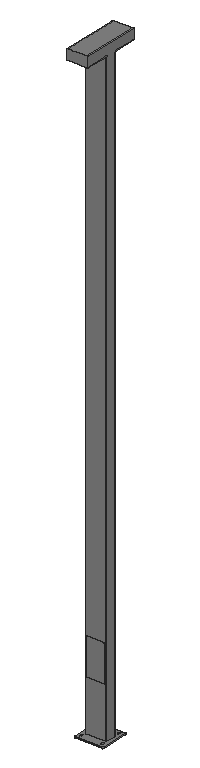
Revit family "Супремус В", category Осветительные приборы, Revit 2019 (continued)
Types (7, lengths in mm): name | Файл фотометрической сетки | built-in parameter 1150105 | Lumens | built-in parameter 1150106 | built-in parameter 1150142 | Wattage | L_общая рассеиватели | ADSK_Фактическая мощность | ADSK_Размер_Высота | ADSK_Номинальная мощность | ADSK_Наименование | ADSK_Масса_Текст | ADSK_Масса | ADSK_Артикул | 2
    0 0.0 0.0 0.0 0.0 0.0 0.0 0.0 0.0 0.0 0.0 0.0 0.0 0.0 0.0\r\n 0.0 0.0 0.0 0.0 0.0\r\n275.6 273.7 271.8 269.8 267.9 265.9 264.0 262.0 260.0 257.9 255.6 253.3 251.0 248.8 246.1 243.5 240.4 237.2 233.8 230.1 226.8\r\n 223.3 220.1 217.1 214.2 211.4 209.0 206.5 203.6 200.6 197.6 194.5 191.5 188.3 185.1 181.9 178.6 175.4 171.7 167.9 164.1 160.3\r\n 157.0 153.7 150.5 147.5 144.5 141.6 138.7 135.8 133.1 130.7 128.9 127.4 126.3 124.5 122.6 120.8 119.4 117.7 115.8 113.8 111.8\r\n 109.5 107.1 104.6 102.1 99.7 97.4 95.1 92.7 90.3 87.8 85.5 83.3 81.3 79.2 77.1 75.0 73.0 71.0 69.0 67.0 65.2 63.2 61.2 59.1 57.1\r\n 55.1 53.0 51.0 49.2 47.5 46.0 44.6 43.3 42.0 40.8 39.9 39.1 38.3 37.6 37.1 36.7 36.5 36.3 36.0 35.7 35.2 34.6 34.1 33.7 33.4 33.4\r\n 33.6 34.1 33.9 32.6 31.7 30.9 30.3 29.9 29.4 28.7 28.0 27.5 27.1 26.8 26.9 27.3 28.1 28.9 30.1 32.0 34.5 37.0 39.1 40.8 41.2 42.0\r\n 42.7 42.8 42.6 41.8 41.0 40.2 39.3 38.3 37.3 36.3 35.4 35.4 35.9 35.3 34.7 33.9 33.8 33.5 33.0 32.0 31.2 29.9 28.3 26.9 25.6 24.7\r\n 23.8 23.0 22.0 21.1 20.2 19.2 18.1 16.7 14.9 13.3 12.3 11.2 10.0 8.9 8.1 7.5 6.9 6.5 6.6 6.1 5.8 5.8 5.3 5.3 4.3 3.9 3.8 3.6 3.7\r\n 3.7 3.4 3.2 2.3 2.1 1.8 0.0 0.0 0.0 0.0 0.0 0.0 0.0 0.0 0.0 0.0 0.0 0.0 0.0 0.0 0.0 0.0 0.0 0.0 0.0 0.0 0.0 0.0 0.0 0.0 0.0 0.0\r\n 0.0 0.0 0.0 0.0 0.0 0.0 0.0 0.0 0.0 0.0 0.0 0.0 0.0 0.0 0.0 0.0 0.0 0.0 0.0 0.0 0.0 0.0 0.0 0.0 0.0 0.0 0.0 0.0 0.0 0.0 0.0 0.0\r\n 0.0 0.0 0.0 0.0 0.0 0.0 0.0 0.0 0.0 0.0 0.0 0.0 0.0 0.0 0.0 0.0 0.0 0.0 0.0 0.0 0.0 0.0 0.0 0.0 0.0 0.0 0.0 0.0 0.0 0.0 0.0 0.0\r\n 0.0 0.0 0.0 0.0 0.0 0.0 0.0 0.0 0.0 0.0 0.0 0.0 0.0 0.0 0.0 0.0 0.0 0.0 0.0 0.0 0.0 0.0 0.0 0.0 0.0 0.0 0.0 0.0 0.0 0.0 0.0 0.0\r\n 0.0 0.0 0.0 0.0 0.0 0.0 0.0 0.0 0.0 0.0 0.0 0.0 0.0 0.0 0.0 0.0 0.0 0.0 0.0 0.0 0.0 0.0 0.0 0.0 0.0 0.0 0.0 0.0 0.0 0.0 0.0 0.0\r\n 0.0 0.0 0.0 0.0 0.0 0.0\r\n275.6 274.0 272.1 270.3 268.4 266.6 264.6 262.9 261.0 259.1 257.1 254.9 252.7 250.4 248.0 245.7 243.1 240.2 237.2 234.1 230.9\r\n 227.5 224.1 221.0 218.1 215.2 212.5 210.1 207.6 205.1 202.5 199.5 196.8 194.1 191.3 188.5 185.6 182.6 179.7 176.8 173.7 170.4\r\n 167.1 163.7 160.4 157.2 154.4 151.6 149.0 146.4 143.9 141.5 139.1 136.7 134.5 132.4 130.5 129.1 127.6 126.3 125.0 123.7 122.2\r\n 120.7 119.1 117.3 115.4 113.4 111.3 109.2 107.0 104.7 102.5 100.4 98.3 96.1 93.9 91.6 89.3 87.0 84.8 82.6 80.5 78.5 76.6 74.8\r\n 73.0 71.3 69.4 67.4 65.5 63.7 61.8 60.1 58.4 56.6 54.7 53.1 51.6 50.4 49.3 48.3 47.3 46.3 45.5 45.1 44.6 44.0 43.7 43.2 42.7 42.4\r\n 41.9 41.5 41.0 40.5 40.5 40.8 41.1 40.8 40.2 39.6 38.9 38.4 38.0 37.7 37.4 37.1 36.7 36.3 36.0 35.9 36.1 36.5 37.0 37.5 38.7 40.3\r\n 41.7 42.9 43.7 45.3 47.0 48.8 49.4 49.4 49.3 48.6 47.4 46.0 44.8 43.9 42.8 41.3 40.0 38.5 37.7 37.3 36.5 35.8 34.9 33.8 32.3 30.4\r\n 28.6 26.8 25.2 23.6 22.1 20.8 19.6 18.4 17.2 16.0 14.3 12.4 11.0 9.8 8.5 7.3 6.5 6.0 5.5 5.1 4.9 4.9 4.8 4.7 4.4 4.0 3.5 3.3 3.2\r\n 3.2 3.0 2.9 2.7 2.1 2.0 1.7 1.5 0.0 0.0 0.0 0.0 0.0 0.0 0.0 0.0 0.0 0.0 0.0 0.0 0.0 0.0 0.0 0.0 0.0 0.0 0.0 0.0 0.0 0.0 0.0 0.0\r\n 0.0 0.0 0.0 0.0 0.0 0.0 0.0 0.0 0.0 0.0 0.0 0.0 0.0 0.0 0.0 0.0 0.0 0.0 0.0 0.0 0.0 0.0 0.0 0.0 0.0 0.0 0.0 0.0 0.0 0.0 0.0 0.0\r\n 0.0 0.0 0.0 0.0 0.0 0.0 0.0 0.0 0.0 0.0 0.0 0.0 0.0 0.0 0.0 0.0 0.0 0.0 0.0 0.0 0.0 0.0 0.0 0.0 0.0 0.0 0.0 0.0 0.0 0.0 0.0 0.0\r\n 0.0 0.0 0.0 0.0 0.0 0.0 0.0 0.0 0.0 0.0 0.0 0.0 0.0 0.0 0.0 0.0 0.0 0.0 0.0 0.0 0.0 0.0 0.0 0.0 0.0 0.0 0.0 0.0 0.0 0.0 0.0 0.0\r\n 0.0 0.0 0.0 0.0 0.0 0.0 0.0 0.0 0.0 0.0 0.0 0.0 0.0 0.0 0.0 0.0 0.0 0.0 0.0 0.0 0.0 0.0 0.0 0.0 0.0 0.0 0.0 0.0 0.0 0.0 0.0 0.0\r\n 0.0 0.0 0.0 0.0 0.0 0.0 0.0 0.0\r\n275.6 274.1 272.5 270.6 269.1 267.3 265.5 264.1 262.1 260.4 258.7 256.7 254.6 252.5 250.2 248.0 245.9 243.5 241.0 238.4 235.6\r\n 232.7 229.7 226.6 223.5 220.5 217.8 215.0 212.3 209.8 207.4 205.1 202.8 200.4 197.9 195.4 193.0 190.5 188.1 185.7 183.1 180.5\r\n 177.9 175.1 172.5 169.8 167.1 164.3 161.6 158.9 156.3 153.9 151.7 149.6 147.9 146.2 144.6 142.7 141.1 139.4 137.8 136.4 134.8\r\n 133.4 132.3 131.1 129.6 128.1 126.7 125.0 123.3 121.8 120.0 118.2 116.4 114.5 112.6 110.8 109.1 107.4 105.8 104.2 102.6 101.0\r\n 99.4 97.8 96.1 94.5 92.6 90.8 89.1 87.3 85.7 84.1 82.3 80.6 79.0 77.5 76.1 74.8 73.5 72.4 71.5 70.4 69.1 68.2 67.1 66.2 65.2 64.3\r\n 63.5 62.8 62.0 61.3 60.8 60.4 60.2 60.0 59.7 59.5 59.3 58.8 58.6 58.4 57.8 57.2 56.7 56.2 55.7 55.2 54.5 53.9 53.3 53.0 52.7 52.5\r\n 52.5 52.4 52.3 52.4 52.9 53.4 53.9 54.8 56.1 57.5 58.5 59.5 60.3 61.2 61.2 61.1 60.8 60.0 58.4 55.4 52.5 50.2 48.1 45.9 43.5 40.9\r\n 38.5 36.2 33.8 31.6 29.6 27.6 25.6 23.7 21.8 19.9 18.4 17.0 15.5 14.0 11.9 9.9 8.8 7.7 6.9 6.1 5.5 5.1 4.7 4.5 4.7 4.7 4.3 3.7\r\n 3.3 3.0 3.2 3.0 2.7 2.4 2.0 1.9 1.6 1.4 1.3 0.0 0.0 0.0 0.0 0.0 0.0 0.0 0.0 0.0 0.0 0.0 0.0 0.0 0.0 0.0 0.0 0.0 0.0 0.0 0.0 0.0\r\n 0.0 0.0 0.0 0.0 0.0 0.0 0.0 0.0 0.0 0.0 0.0 0.0 0.0 0.0 0.0 0.0 0.0 0.0 0.0 0.0 0.0 0.0 0.0 0.0 0.0 0.0 0.0 0.0 0.0 0.0 0.0 0.0\r\n 0.0 0.0 0.0 0.0 0.0 0.0 0.0 0.0 0.0 0.0 0.0 0.0 0.0 0.0 0.0 0.0 0.0 0.0 0.0 0.0 0.0 0.0 0.0 0.0 0.0 0.0 0.0 0.0 0.0 0.0 0.0 0.0\r\n 0.0 0.0 0.0 0.0 0.0 0.0 0.0 0.0 0.0 0.0 0.0 0.0 0.0 0.0 0.0 0.0 0.0 0.0 0.0 0.0 0.0 0.0 0.0 0.0 0.0 0.0 0.0 0.0 0.0 0.0 0.0 0.0\r\n 0.0 0.0 0.0 0.0 0.0 0.0 0.0 0.0 0.0 0.0 0.0 0.0 0.0 0.0 0.0 0.0 0.0 0.0 0.0 0.0 0.0 0.0 0.0 0.0 0.0 0.0 0.0 0.0 0.0 0.0 0.0 0.0\r\n 0.0 0.0 0.0 0.0 0.0 0.0 0.0 0.0 0.0 0.0 0.0\r\n275.6 274.2 272.7 271.1 269.7 268.1 266.5 264.9 263.4 261.7 260.1 258.5 256.5 254.6 252.6 250.5 248.5 246.5 244.4 242.2 239.9\r\n 237.4 234.9 232.2 229.4 226.6 223.8 221.1 218.4 215.8 213.2 210.8 208.5 206.2 204.1 201.9 199.9 197.7 195.3 193.2 191.2 188.9\r\n 187.1 185.2 183.2 181.2 179.1 177.0 174.9 173.0 171.0 169.2 167.5 165.7 164.0 162.3 160.8 159.3 157.9 156.6 155.2 154.2 153.1\r\n 151.8 150.5 149.3 148.0 146.6 145.1 143.4 141.6 139.9 138.2 136.8 135.5 134.4 133.3 132.3 131.3 130.1 129.0 127.8 126.6 125.2\r\n 123.8 122.4 121.0 119.6 118.2 116.8 115.6 114.6 113.1 111.9 110.5 109.6 108.3 107.1 106.2 105.5 104.5 103.3 102.3 101.4 100.4\r\n 99.3 98.1 97.1 95.9 94.8 93.8 92.9 92.0 91.4 90.7 90.2 89.6 89.1 88.5 88.0 87.8 87.5 87.4 87.5 87.2 86.8 86.9 86.5 85.9 85.5 85.1\r\n 84.8 84.5 84.2 83.8 83.3 82.6 82.2 81.9 81.3 80.9 80.7 80.1 79.8 79.5 79.2 78.0 76.8 75.6 74.2 72.3 69.7 67.1 63.8 60.6 55.9 50.9\r\n 46.6 42.4 38.5 35.5 33.1 30.8 29.0 27.5 26.3 25.4 24.4 23.6 22.7 21.6 20.7 20.0 19.0 18.1 16.9 15.5 13.4 11.1 9.5 7.9 6.8 6.0 5.3\r\n 4.7 4.2 3.8 3.4 3.4 3.2 3.3 2.9 2.8 2.6 2.3 2.0 1.7 1.5 1.4 1.2 1.2 0.0 0.0 0.0 0.0 0.0 0.0 0.0 0.0 0.0 0.0 0.0 0.0 0.0 0.0 0.0\r\n 0.0 0.0 0.0 0.0 0.0 0.0 0.0 0.0 0.0 0.0 0.0 0.0 0.0 0.0 0.0 0.0 0.0 0.0 0.0 0.0 0.0 0.0 0.0 0.0 0.0 0.0 0.0 0.0 0.0 0.0 0.0 0.0\r\n 0.0 0.0 0.0 0.0 0.0 0.0 0.0 0.0 0.0 0.0 0.0 0.0 0.0 0.0 0.0 0.0 0.0 0.0 0.0 0.0 0.0 0.0 0.0 0.0 0.0 0.0 0.0 0.0 0.0 0.0 0.0 0.0\r\n 0.0 0.0 0.0 0.0 0.0 0.0 0.0 0.0 0.0 0.0 0.0 0.0 0.0 0.0 0.0 0.0 0.0 0.0 0.0 0.0 0.0 0.0 0.0 0.0 0.0 0.0 0.0 0.0 0.0 0.0 0.0 0.0\r\n 0.0 0.0 0.0 0.0 0.0 0.0 0.0 0.0 0.0 0.0 0.0 0.0 0.0 0.0 0.0 0.0 0.0 0.0 0.0 0.0 0.0 0.0 0.0 0.0 0.0 0.0 0.0 0.0 0.0 0.0 0.0 0.0\r\n 0.0 0.0 0.0 0.0 0.0 0.0 0.0 0.0 0.0 0.0 0.0 0.0 0.0 0.0 0.0 0.0 0.0\r\n275.6 274.5 273.1 271.8 270.3 269.0 267.6 266.3 264.7 263.4 261.8 260.1 258.7 257.0 255.2 253.4 251.8 249.9 247.9 246.0 244.1\r\n 242.0 239.9 237.7 235.5 233.3 231.0 228.6 226.3 223.8 221.5 219.0 216.5 214.2 211.9 209.7 207.4 205.3 203.3 201.5 199.8 198.0\r\n 196.3 194.6 193.1 191.7 190.5 189.2 188.1 187.1 186.2 185.1 183.9 182.8 181.7 180.7 179.6 178.5 177.6 176.7 175.9 174.8 174.0\r\n 173.1 172.0 170.9 169.5 168.4 166.8 165.4 164.0 162.6 161.5 160.4 159.5 158.7 157.8 156.9 156.0 155.1 154.3 153.4 152.4 151.3\r\n 150.2 149.3 148.4 147.6 146.9 146.7 145.9 145.0 144.3 143.6 142.5 141.6 141.4 140.7 139.8 138.8 137.9 137.0 135.8 134.8 133.9\r\n 133.0 132.1 131.3 130.5 129.8 129.1 128.4 127.9 127.5 127.1 126.7 126.6 126.4 126.3 126.0 125.8 125.5 125.1 125.0 124.8 124.1\r\n 123.4 122.7 122.2 121.7 121.3 121.1 120.6 120.0 119.3 118.6 118.0 117.0 115.8 114.3 112.6 110.5 107.9 104.6 100.9 97.1 93.2 89.6\r\n 85.0 79.4 74.0 69.0 63.4 56.9 50.6 45.2 40.6 37.4 35.3 33.5 32.1 30.9 30.1 29.4 28.7 27.9 26.9 25.6 24.1 22.6 20.9 19.1 17.5 16.1\r\n 14.7 13.3 11.7 10.4 9.3 7.9 6.4 5.5 4.9 4.3 3.8 3.4 3.0 2.6 2.3 2.3 2.3 2.3 2.3 2.0 1.7 1.4 1.4 1.3 1.3 1.2 1.2 0.0 0.0 0.0 0.0\r\n 0.0 0.0 0.0 0.0 0.0 0.0 0.0 0.0 0.0 0.0 0.0 0.0 0.0 0.0 0.0 0.0 0.0 0.0 0.0 0.0 0.0 0.0 0.0 0.0 0.0 0.0 0.0 0.0 0.0 0.0 0.0 0.0\r\n 0.0 0.0 0.0 0.0 0.0 0.0 0.0 0.0 0.0 0.0 0.0 0.0 0.0 0.0 0.0 0.0 0.0 0.0 0.0 0.0 0.0 0.0 0.0 0.0 0.0 0.0 0.0 0.0 0.0 0.0 0.0 0.0\r\n 0.0 0.0 0.0 0.0 0.0 0.0 0.0 0.0 0.0 0.0 0.0 0.0 0.0 0.0 0.0 0.0 0.0 0.0 0.0 0.0 0.0 0.0 0.0 0.0 0.0 0.0 0.0 0.0 0.0 0.0 0.0 0.0\r\n 0.0 0.0 0.0 0.0 0.0 0.0 0.0 0.0 0.0 0.0 0.0 0.0 0.0 0.0 0.0 0.0 0.0 0.0 0.0 0.0 0.0 0.0 0.0 0.0 0.0 0.0 0.0 0.0 0.0 0.0 0.0 0.0\r\n 0.0 0.0 0.0 0.0 0.0 0.0 0.0 0.0 0.0 0.0 0.0 0.0 0.0 0.0 0.0 0.0 0.0 0.0 0.0 0.0 0.0 0.0 0.0 0.0 0.0 0.0 0.0 0.0\r\n275.6 274.6 273.5 272.3 271.1 269.8 268.7 267.3 266.1 264.8 263.5 261.9 260.6 259.2 257.7 256.3 254.8 253.2 251.7 250.0 248.2\r\n 246.4 244.5 242.6 240.7 238.9 237.2 235.3 233.4 231.6 229.6 227.4 225.3 223.1 221.1 219.3 217.2 215.3 213.5 211.6 210.0 208.4\r\n 206.9 205.7 204.4 203.3 202.3 201.3 200.4 199.6 199.1 198.7 198.2 197.7 197.3 196.7 196.4 195.9 195.6 195.3 195.2 194.9 194.3\r\n 193.7 193.2 192.6 191.7 191.0 190.3 189.5 188.8 188.1 187.4 186.9 186.2 185.8 185.2 184.6 184.1 183.4 182.9 182.4 182.0 181.5\r\n 181.2 180.9 180.7 180.8 180.8 180.1 179.4 179.1 178.7 178.4 178.5 178.4 177.6 176.8 176.2 175.4 174.3 173.3 172.4 171.8 171.2\r\n 170.6 170.1 169.6 169.3 169.0 168.7 168.4 168.1 167.9 167.8 167.6 167.5 167.5 167.4 167.2 167.0 166.6 166.2 165.8 165.4 164.8\r\n 164.4 164.2 164.0 163.6 163.1 162.4 161.6 160.3 159.0 157.3 155.4 153.1 150.1 146.5 142.0 137.0 132.0 126.4 119.6 112.2 104.8\r\n 97.6 90.1 83.2 76.7 71.3 66.4 63.0 59.7 57.8 56.7 55.2 53.5 51.5 48.9 46.0 42.6 39.0 35.1 31.3 27.8 24.6 21.8 19.0 16.6 14.5 12.7\r\n 11.2 9.8 8.6 7.5 6.6 5.9 5.3 4.5 3.7 3.3 3.1 2.9 2.6 2.3 2.1 2.0 1.9 1.7 1.5 1.4 1.3 1.2 1.1 1.1 1.1 1.2 1.2 1.2 0.0 0.0 0.0 0.0\r\n 0.0 0.0 0.0 0.0 0.0 0.0 0.0 0.0 0.0 0.0 0.0 0.0 0.0 0.0 0.0 0.0 0.0 0.0 0.0 0.0 0.0 0.0 0.0 0.0 0.0 0.0 0.0 0.0 0.0 0.0 0.0 0.0\r\n 0.0 0.0 0.0 0.0 0.0 0.0 0.0 0.0 0.0 0.0 0.0 0.0 0.0 0.0 0.0 0.0 0.0 0.0 0.0 0.0 0.0 0.0 0.0 0.0 0.0 0.0 0.0 0.0 0.0 0.0 0.0 0.0\r\n 0.0 0.0 0.0 0.0 0.0 0.0 0.0 0.0 0.0 0.0 0.0 0.0 0.0 0.0 0.0 0.0 0.0 0.0 0.0 0.0 0.0 0.0 0.0 0.0 0.0 0.0 0.0 0.0 0.0 0.0 0.0 0.0\r\n 0.0 0.0 0.0 0.0 0.0 0.0 0.0 0.0 0.0 0.0 0.0 0.0 0.0 0.0 0.0 0.0 0.0 0.0 0.0 0.0 0.0 0.0 0.0 0.0 0.0 0.0 0.0 0.0 0.0 0.0 0.0 0.0\r\n 0.0 0.0 0.0 0.0 0.0 0.0 0.0 0.0 0.0 0.0 0.0 0.0 0.0 0.0 0.0 0.0 0.0 0.0 0.0 0.0 0.0 0.0 0.0 0.0 0.0 0.0 0.0 0.0\r\n275.6 274.9 273.9 272.9 272.0 270.8 269.8 268.8 267.7 266.6 265.4 264.1 262.9 261.6 260.3 259.1 257.8 256.6 255.2 253.9 252.5\r\n 251.0 249.6 247.9 246.4 244.8 243.2 241.7 240.0 238.2 236.9 235.3 233.9 232.6 231.1 229.8 228.3 227.1 225.6 224.3 223.0 222.0\r\n 220.7 219.7 218.6 217.8 216.9 216.0 215.4 214.7 214.0 213.5 213.1 212.6 212.3 211.7 211.4 211.3 211.2 211.1 211.0 210.8 210.8\r\n 210.8 210.7 210.7 210.6 210.8 210.8 210.8 210.9 211.1 211.3 211.4 211.5 211.5 211.5 211.4 211.4 211.5 211.7 211.9 211.9 212.1\r\n 212.3 212.6 213.2 213.5 213.4 213.3 213.4 213.4 213.8 214.1 213.9 213.2 212.9 212.5 211.9 211.5 211.3 211.1 211.0 210.9 210.9\r\n 210.9 210.8 210.8 210.8 210.8 210.9 211.0 211.0 211.1 211.3 211.7 212.3 212.9 213.3 213.6 214.1 214.4 214.6 214.7 214.8 214.7\r\n 214.4 214.2 213.8 213.2 211.9 210.0 207.8 204.8 201.7 198.5 194.3 189.5 184.1 178.3 172.2 165.8 157.9 150.2 142.1 134.7 127.3\r\n 119.8 112.4 106.8 103.0 100.5 98.7 97.7 96.6 94.1 89.8 83.3 75.8 67.4 59.0 50.9 42.7 35.4 29.7 25.2 21.8 18.9 16.4 14.1 12.1 10.4\r\n 9.0 8.0 7.0 6.3 5.6 4.9 4.2 3.7 3.4 3.2 3.1 3.0 2.6 2.3 2.1 2.0 1.8 1.6 1.4 1.2 1.1 1.1 1.1 1.1 1.1 1.1 1.2 1.2 1.2 0.0 0.0 0.0\r\n 0.0 0.0 0.0 0.0 0.0 0.0 0.0 0.0 0.0 0.0 0.0 0.0 0.0 0.0 0.0 0.0 0.0 0.0 0.0 0.0 0.0 0.0 0.0 0.0 0.0 0.0 0.0 0.0 0.0 0.0 0.0 0.0\r\n 0.0 0.0 0.0 0.0 0.0 0.0 0.0 0.0 0.0 0.0 0.0 0.0 0.0 0.0 0.0 0.0 0.0 0.0 0.0 0.0 0.0 0.0 0.0 0.0 0.0 0.0 0.0 0.0 0.0 0.0 0.0 0.0\r\n 0.0 0.0 0.0 0.0 0.0 0.0 0.0 0.0 0.0 0.0 0.0 0.0 0.0 0.0 0.0 0.0 0.0 0.0 0.0 0.0 0.0 0.0 0.0 0.0 0.0 0.0 0.0 0.0 0.0 0.0 0.0 0.0\r\n 0.0 0.0 0.0 0.0 0.0 0.0 0.0 0.0 0.0 0.0 0.0 0.0 0.0 0.0 0.0 0.0 0.0 0.0 0.0 0.0 0.0 0.0 0.0 0.0 0.0 0.0 0.0 0.0 0.0 0.0 0.0 0.0\r\n 0.0 0.0 0.0 0.0 0.0 0.0 0.0 0.0 0.0 0.0 0.0 0.0 0.0 0.0 0.0 0.0 0.0 0.0 0.0 0.0 0.0 0.0 0.0 0.0 0.0 0.0 0.0 0.0 0.0\r\n275.6 275.1 274.4 273.6 272.7 271.8 271.0 270.0 269.2 268.1 267.0 266.1 265.0 264.0 262.9 261.9 260.7 259.6 258.5 257.4 256.1\r\n 254.9 253.8 252.4 251.3 250.1 248.9 247.6 246.5 245.2 244.0 242.8 241.9 240.9 239.9 239.2 238.2 237.3 236.6 235.9 235.3 234.8\r\n 234.4 233.9 233.5 233.1 232.9 232.5 231.9 231.4 231.1 230.6 230.3 229.9 229.6 229.4 229.3 228.9 228.8 228.6 228.4 228.4 228.5\r\n 228.6 228.7 229.1 229.5 229.9 230.2 230.7 231.0 231.6 232.2 232.7 233.1 233.6 234.2 234.7 235.3 235.9 236.4 237.0 237.6 238.4\r\n 239.4 240.8 241.7 242.1 242.5 243.2 244.1 245.1 245.5 245.4 245.4 245.5 245.4 245.5 245.8 245.9 246.1 246.5 246.8 247.3 247.7\r\n 248.0 248.5 249.0 249.3 249.7 249.8 250.3 251.0 251.9 252.8 253.8 254.7 255.6 256.4 256.7 256.9 256.7 256.4 256.1 256.1 256.0\r\n 255.6 254.6 252.8 250.7 248.2 244.7 240.1 235.1 230.0 225.0 220.1 215.3 210.0 204.1 198.6 192.8 186.7 180.9 175.4 169.7 164.5\r\n 160.1 156.9 155.3 154.2 151.0 146.1 139.0 128.6 115.3 100.4 85.0 70.6 60.0 49.4 38.7 32.0 27.0 22.7 18.9 15.7 13.2 11.2 9.7 8.5\r\n 7.6 6.8 6.0 5.4 4.7 4.2 3.6 3.2 3.0 2.9 2.8 2.6 2.5 2.4 2.2 1.8 1.6 1.4 1.2 1.1 1.0 1.0 1.0 1.0 1.0 1.1 1.1 1.1 1.2 1.2 0.0 0.0\r\n 0.0 0.0 0.0 0.0 0.0 0.0 0.0 0.0 0.0 0.0 0.0 0.0 0.0 0.0 0.0 0.0 0.0 0.0 0.0 0.0 0.0 0.0 0.0 0.0 0.0 0.0 0.0 0.0 0.0 0.0 0.0 0.0\r\n 0.0 0.0 0.0 0.0 0.0 0.0 0.0 0.0 0.0 0.0 0.0 0.0 0.0 0.0 0.0 0.0 0.0 0.0 0.0 0.0 0.0 0.0 0.0 0.0 0.0 0.0 0.0 0.0 0.0 0.0 0.0 0.0\r\n 0.0 0.0 0.0 0.0 0.0 0.0 0.0 0.0 0.0 0.0 0.0 0.0 0.0 0.0 0.0 0.0 0.0 0.0 0.0 0.0 0.0 0.0 0.0 0.0 0.0 0.0 0.0 0.0 0.0 0.0 0.0 0.0\r\n 0.0 0.0 0.0 0.0 0.0 0.0 0.0 0.0 0.0 0.0 0.0 0.0 0.0 0.0 0.0 0.0 0.0 0.0 0.0 0.0 0.0 0.0 0.0 0.0 0.0 0.0 0.0 0.0 0.0 0.0 0.0 0.0\r\n 0.0 0.0 0.0 0.0 0.0 0.0 0.0 0.0 0.0 0.0 0.0 0.0 0.0 0.0 0.0 0.0 0.0 0.0 0.0 0.0 0.0 0.0 0.0 0.0 0.0 0.0 0.0 0.0 0.0 0.0\r\n275.6 275.2 274.7 274.0 273.6 272.9 272.1 271.5 270.5 269.8 269.0 268.1 267.3 266.4 265.5 264.6 263.9 262.9 261.9 260.8 259.8\r\n 258.7 257.7 256.8 255.7 254.7 253.9 252.9 252.1 251.1 250.4 249.9 249.3 248.6 248.3 247.7 247.1 246.8 246.5 246.5 246.4 246.4\r\n 246.5 246.4 246.3 246.3 246.5 246.4 246.5 246.5 246.5 246.6 246.7 246.8 247.0 247.1 247.1 247.4 247.4 247.5 247.8 248.1 248.3\r\n 248.5 249.0 249.6 250.1 250.6 251.1 251.8 252.3 252.9 253.4 254.0 254.5 255.1 255.8 256.6 257.5 258.5 259.2 260.2 261.2 262.3\r\n 263.9 265.3 266.2 267.0 268.1 269.6 270.6 271.2 271.4 271.5 271.8 272.0 272.3 272.5 273.3 274.0 274.5 275.0 275.6 276.3 276.7\r\n 277.1 277.9 278.8 279.5 280.4 281.8 283.0 284.6 286.3 287.6 289.1 290.4 291.3 291.9 291.9 291.5 291.2 290.7 290.2 289.9 289.3\r\n 288.0 285.8 283.5 280.5 276.5 272.0 267.1 262.2 257.7 253.3 249.0 244.7 240.4 236.4 232.4 227.6 223.2 219.0 215.4 211.7 207.3\r\n 203.7 200.0 195.1 188.1 178.8 166.6 151.4 132.7 113.9 95.4 80.5 67.6 54.9 43.4 33.3 26.0 20.5 16.7 13.8 11.8 10.1 8.9 7.9 7.1 6.4\r\n 5.9 5.4 5.0 4.4 3.8 3.3 3.0 2.8 2.7 2.6 2.6 2.6 2.6 2.1 1.7 1.5 1.3 1.1 1.1 1.0 1.0 1.0 1.0 1.0 1.1 1.1 1.1 1.2 1.2 0.0 0.0 0.0\r\n 0.0 0.0 0.0 0.0 0.0 0.0 0.0 0.0 0.0 0.0 0.0 0.0 0.0 0.0 0.0 0.0 0.0 0.0 0.0 0.0 0.0 0.0 0.0 0.0 0.0 0.0 0.0 0.0 0.0 0.0 0.0 0.0\r\n 0.0 0.0 0.0 0.0 0.0 0.0 0.0 0.0 0.0 0.0 0.0 0.0 0.0 0.0 0.0 0.0 0.0 0.0 0.0 0.0 0.0 0.0 0.0 0.0 0.0 0.0 0.0 0.0 0.0 0.0 0.0 0.0\r\n 0.0 0.0 0.0 0.0 0.0 0.0 0.0 0.0 0.0 0.0 0.0 0.0 0.0 0.0 0.0 0.0 0.0 0.0 0.0 0.0 0.0 0.0 0.0 0.0 0.0 0.0 0.0 0.0 0.0 0.0 0.0 0.0\r\n 0.0 0.0 0.0 0.0 0.0 0.0 0.0 0.0 0.0 0.0 0.0 0.0 0.0 0.0 0.0 0.0 0.0 0.0 0.0 0.0 0.0 0.0 0.0 0.0 0.0 0.0 0.0 0.0 0.0 0.0 0.0 0.0\r\n 0.0 0.0 0.0 0.0 0.0 0.0 0.0 0.0 0.0 0.0 0.0 0.0 0.0 0.0 0.0 0.0 0.0 0.0 0.0 0.0 0.0 0.0 0.0 0.0 0.0 0.0 0.0 0.0 0.0\r\n275.6 275.4 275.1 27
    4.8 274.3 273.9 273.4 272.8 272.2 271.6 271.0 270.2 269.6 268.9 268.3 267.4 266.8 266.0 265.2 264.3 263.6\r\n 262.5 261.6 260.8 260.1 259.4 258.7 257.9 257.5 256.9 256.4 256.1 255.6 255.4 255.2 255.0 254.8 254.8 255.1 255.4 255.5 255.6\r\n 255.9 256.3 256.7 257.0 257.3 257.7 258.1 258.5 259.1 259.6 260.2 260.6 261.3 261.8 262.3 262.9 263.8 264.5 265.2 266.2 267.0\r\n 267.8 268.9 269.7 270.6 271.5 272.4 273.5 274.4 275.4 276.5 277.3 278.4 279.3 280.2 281.2 282.0 283.2 284.3 285.5 287.0 288.7\r\n 290.5 291.5 292.5 293.7 295.1 296.5 297.0 297.2 297.6 298.1 298.4 298.7 299.1 299.6 300.3 300.8 301.5 302.4 303.4 304.4 305.4\r\n 306.6 308.2 309.8 311.5 313.4 315.4 317.1 319.1 320.9 322.0 323.0 323.8 323.9 323.6 323.1 322.1 321.3 320.3 319.5 318.7 317.1\r\n 314.7 311.8 308.0 304.1 300.1 295.5 290.8 285.9 281.1 276.6 272.5 268.3 263.8 259.4 255.0 251.1 247.7 244.5 240.8 236.0 231.1\r\n 225.1 217.4 207.1 195.4 181.5 164.8 146.3 126.2 105.9 88.8 73.9 60.6 47.4 34.1 25.5 19.7 15.8 13.0 11.5 10.2 9.2 8.5 7.8 7.0 6.3\r\n 5.7 5.1 4.5 4.1 3.5 3.0 2.7 2.5 2.4 2.3 2.2 2.1 1.9 1.8 1.7 1.5 1.3 1.2 1.1 1.0 0.9 0.9 0.9 1.0 1.0 1.0 1.0 1.1 1.1 0.0 0.0 0.0\r\n 0.0 0.0 0.0 0.0 0.0 0.0 0.0 0.0 0.0 0.0 0.0 0.0 0.0 0.0 0.0 0.0 0.0 0.0 0.0 0.0 0.0 0.0 0.0 0.0 0.0 0.0 0.0 0.0 0.0 0.0 0.0 0.0\r\n 0.0 0.0 0.0 0.0 0.0 0.0 0.0 0.0 0.0 0.0 0.0 0.0 0.0 0.0 0.0 0.0 0.0 0.0 0.0 0.0 0.0 0.0 0.0 0.0 0.0 0.0 0.0 0.0 0.0 0.0 0.0 0.0\r\n 0.0 0.0 0.0 0.0 0.0 0.0 0.0 0.0 0.0 0.0 0.0 0.0 0.0 0.0 0.0 0.0 0.0 0.0 0.0 0.0 0.0 0.0 0.0 0.0 0.0 0.0 0.0 0.0 0.0 0.0 0.0 0.0\r\n 0.0 0.0 0.0 0.0 0.0 0.0 0.0 0.0 0.0 0.0 0.0 0.0 0.0 0.0 0.0 0.0 0.0 0.0 0.0 0.0 0.0 0.0 0.0 0.0 0.0 0.0 0.0 0.0 0.0 0.0 0.0 0.0\r\n 0.0 0.0 0.0 0.0 0.0 0.0 0.0 0.0 0.0 0.0 0.0 0.0 0.0 0.0 0.0 0.0 0.0 0.0 0.0 0.0 0.0 0.0 0.0 0.0 0.0 0.0 0.0 0.0 0.0\r\n275.6 275.6 275.4 275.4 275.1 275.0 274.6 274.5 274.0 273.6 273.1 272.6 272.1 271.6 271.2 270.5 269.9 269.3 268.8 268.0 267.4\r\n 266.9 266.3 265.6 265.0 264.5 264.1 263.6 263.2 263.0 262.7 262.5 262.4 262.4 262.3 262.4 262.5 262.8 263.1 263.2 263.6 264.1\r\n 264.6 265.1 265.7 266.3 266.8 267.5 268.0 268.6 269.3 270.0 270.6 271.4 272.2 272.9 274.0 274.8 275.8 276.8 277.9 279.0 280.1\r\n 281.1 282.3 283.5 284.7 286.1 287.2 288.5 289.8 291.2 292.5 294.0 295.6 296.9 298.3 299.9 301.1 302.3 303.8 305.3 307.0 309.2\r\n 310.7 312.1 313.4 315.4 317.5 318.3 318.9 319.8 320.8 321.9 322.8 323.7 324.9 326.2 327.1 328.4 329.9 331.5 333.0 334.7 336.5\r\n 338.5 340.6 342.9 345.1 347.3 349.5 351.3 352.7 353.8 354.6 355.1 355.0 354.6 353.9 353.3 352.9 352.1 350.9 350.0 348.7 346.8\r\n 343.7 340.1 336.0 332.0 328.1 323.5 318.6 314.1 309.6 304.7 300.3 295.5 290.9 286.8 283.6 281.0 278.4 276.0 271.5 265.0 257.4\r\n 247.6 235.1 220.3 205.5 189.6 171.6 151.8 130.1 108.8 90.3 73.3 59.4 45.5 31.5 24.0 18.8 15.4 13.3 11.9 10.7 9.6 8.8 7.9 7.1 6.4\r\n 5.7 5.1 4.4 3.8 3.2 2.6 2.3 2.0 2.0 2.0 2.0 2.0 1.8 1.8 1.6 1.5 1.3 1.1 1.1 1.0 0.9 0.9 0.9 0.9 0.9 0.9 1.0 1.0 1.0 0.0 0.0 0.0\r\n 0.0 0.0 0.0 0.0 0.0 0.0 0.0 0.0 0.0 0.0 0.0 0.0 0.0 0.0 0.0 0.0 0.0 0.0 0.0 0.0 0.0 0.0 0.0 0.0 0.0 0.0 0.0 0.0 0.0 0.0 0.0 0.0\r\n 0.0 0.0 0.0 0.0 0.0 0.0 0.0 0.0 0.0 0.0 0.0 0.0 0.0 0.0 0.0 0.0 0.0 0.0 0.0 0.0 0.0 0.0 0.0 0.0 0.0 0.0 0.0 0.0 0.0 0.0 0.0 0.0\r\n 0.0 0.0 0.0 0.0 0.0 0.0 0.0 0.0 0.0 0.0 0.0 0.0 0.0 0.0 0.0 0.0 0.0 0.0 0.0 0.0 0.0 0.0 0.0 0.0 0.0 0.0 0.0 0.0 0.0 0.0 0.0 0.0\r\n 0.0 0.0 0.0 0.0 0.0 0.0 0.0 0.0 0.0 0.0 0.0 0.0 0.0 0.0 0.0 0.0 0.0 0.0 0.0 0.0 0.0 0.0 0.0 0.0 0.0 0.0 0.0 0.0 0.0 0.0 0.0 0.0\r\n 0.0 0.0 0.0 0.0 0.0 0.0 0.0 0.0 0.0 0.0 0.0 0.0 0.0 0.0 0.0 0.0 0.0 0.0 0.0 0.0 0.0 0.0 0.0 0.0 0.0 0.0 0.0 0.0 0.0\r\n" | 88.8638 W | 550 | 119.4 W | 6000 | 120 W | "ДТУ121с10 Светодиодный светильник Супремус-B ДТУ-121-AF-ДТУП1212(60Вт)+ДТУП1212(60Вт)-6.0" | "127" | 127 | "ДТУ121с10" | yes
